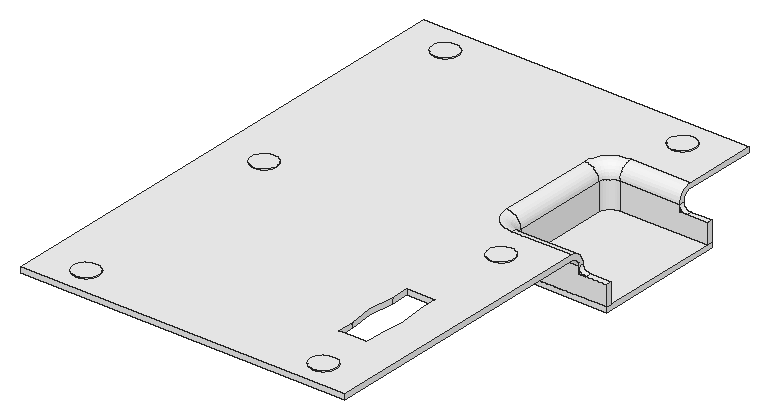
Revit family "KingswayGroup_ShrLcksAndStrkPlts_SwingThruStrikePlate", category Specialty Equipment, Revit 2020
Family settings
  Round Connector Dimension = Use Diameter
  Part Type = Normal
  Work Plane-Based = No
  Always vertical = Yes
  Cut with Voids When Loaded = No
  Shared = No
  Room Calculation Point = No
Parameters
  WarrantyStartDate [instance] = "1900-12-31T23:59:59"
  WarrantyGuarantorParts = "sales@kingswaygroup.co.uk"
  WarrantyGuarantorLabor = "n/a"
  WarrantyDurationUnit = "year"  # constant formula
  WarrantyDurationParts = "5"  # constant formula
  WarrantyDurationLabor = "n/a"
  WarrantyDescription = "5-Year Guarantee *For faulty manufacture and not for damage"  # constant formula
  Version = "1"
  Uniclass2015Version = "Products v1.36"
  Uniclass2015Title = "Shear locks and strike plates"
  Uniclass2015Code = "Pr_75_30_27_77"
  URL = "https://kingswaygroupglobal.com/"
  TagNumber [instance] = "n/a"
  SustainabilityPerformance = "n/a"
  Size = "140 x 200 x 18"
  Shape = "n/a"
  SerialNumber [instance] = "n/a"
  Revision = "n/a"
  ReplacementCost = "n/a"
  ProductInformation = "https://kingswaygroupglobal.com/product/swing-thru-strike-plate?noredirect=true"
  NominalWidth = 18.00 mm  # constant formula
  NominalLength = 140.00 mm  # constant formula
  NominalHeight = 200.00 mm  # constant formula
  Name = "ShearLocksAndStrikePlates_SwingThruStrikePlate_KG149_KingswayGroup"
  ModelReference = "SwingThru Strike Plate"
  ModelNumber = "KG149"
  Model = ModelNumber  # "KG149"
  Material = "For full range of available material, contact Kingsway Group"
  ManufacturerURL = "https://kingswaygroupglobal.com/"
  ManufacturerName = "Kingsway Group"  # constant formula
  Manufacturer = ManufacturerName  # "Kingsway Group"
  InstallationDate [instance] = "1900-12-31T23:59:59"
  IfcExportType = "USERDEFINED"  # constant formula
  IfcExportAs = "IfcDiscreteAccessoryType"  # constant formula
  Grade = "n/a"
  Finish = "For full range of available finishes and colours, contact Kingsway Group"
  Features = "The SwingThru Strike Plate is a key component of the SWING Anti-Barricade Door System that allows the door leaf to open outwards without needing to retract the lock bolt. This system is the simplest and most effective means of overcoming barricade situations."
  ExpectedLife = "n/a"
  DurationUnit = "year"
  PlateMaterial [instance] = NBS_Concept
  Description = "SwingThru Double Action Strike Plate"
  Default Elevation = 0.00 mm
  Constituents = "n/a"
  Color = "For full range of available finishes and colours, contact Kingsway Group"
  CodePerformance = "n/a"
  Category = "Pr_75_30_27_77:Shear locks and strike plates"
  BarCode [instance] = "n/a"
  BIMObjectName = "KingswayGroup_ShearLocksAndStrikePlates_SwingThruStrikePlate"
  Author = "Kingsway Group"  # constant formula
  AssetType = "Fixed"
  AssetIdentifier [instance] = "n/a"
  AccessibilityPerformance = "n/a"
Reference planes
  plane 1 "Center (Front/Back)": y = 0
  plane 2: z = 0
  plane 3 "Center (Left/Right)": x = 0
Forms (mm)
  Extrusion 1, solid, material "NBS_Concept" <- "PlateMaterial"
    sketch origin (26.118, -47.602, 0) x (1, 0, 0) y (0, 1, 0)
      loop
        line (-90.618, 147.602) -> (-90.618, -52.398) -> (38.382, -52.398) -> (38.382, 58.581) -> (14.417, 58.581)
        arc (14.417, 58.581) -> (6.24, 61.968) -> (2.853, 70.145) r 11.564
        line (2.853, 70.145) -> (2.853, 108.937)
        arc (2.853, 108.937) -> (6.254, 117.148) -> (14.465, 120.55) r 11.612
        line (14.465, 120.55) -> (38.382, 120.55) -> (38.382, 147.602) -> (-90.618, 147.602)
      loop
        line (11.822, 11.387) -> (11.822, 4.397)
        arc (11.822, 4.397) -> (10.831, -5.621) -> (11.822, -15.638) r 51.137
        line (11.822, -15.638) -> (11.822, -22.634) -> (23.08, -22.634) -> (23.08, -15.638)
        arc (23.08, -15.638) -> (24.071, -5.621) -> (23.08, 4.397) r 51.137
        line (23.08, 4.397) -> (23.08, 11.387) -> (11.822, 11.387)
    from 0 to 2
  Sweep 2, solid, material "NBS_Concept" <- "PlateMaterial"
    path origin (0, 0, 0) x (1, 0, 0) y (0, 1, 0)
      loop
        line (64.5, 18.948) -> (40.643, 18.948)
        arc (40.643, 18.948) -> (38.025, 20.032) -> (36.94, 22.651) r 3.703
        line (36.94, 22.651) -> (36.94, 61.281)
        arc (36.94, 61.281) -> (38.023, 63.896) -> (40.638, 64.979) r 3.698
        line (40.638, 64.979) -> (64.5, 64.979)
    profile origin (52.571, 18.948, 0) x (0, -1, 0) y (0, 0, 1)
      loop
        line (2.969, -14) -> (2.969, -3.42)
        arc (2.969, -3.42) -> (3.971, -1.002) -> (6.389, 0) r 3.42
        line (6.389, 0) -> (7.969, 0) -> (7.969, 2) -> (6.389, 2)
        arc (6.389, 2) -> (2.556, 0.412) -> (0.969, -3.42) r 5.42
        line (0.969, -3.42) -> (0.969, -14) -> (2.969, -14)
  Extrusion 3, solid, material "NBS_Concept" <- "PlateMaterial"
    sketch origin (0, 0, 0) x (1, 0, 0) y (0, 1, 0)
      loop
        line (75.5, 67.947) -> (40.638, 67.947)
        arc (40.638, 67.947) -> (35.924, 65.995) -> (33.971, 61.281) r 6.667
        line (33.971, 61.281) -> (33.971, 22.651)
        arc (33.971, 22.651) -> (35.925, 17.933) -> (40.643, 15.979) r 6.671
        line (40.643, 15.979) -> (75.5, 15.979) -> (75.5, 67.947)
    from -16 to -14
  Extrusion 4, solid, material "NBS_Concept" <- "PlateMaterial"
    sketch origin (0, 0, 0) x (1, 0, 0) y (0, 1, 0)
      loop
        line (75.5, 67.947) -> (64.5, 67.947) -> (64.5, 65.947) -> (75.5, 65.947) -> (75.5, 67.947)
      loop
        line (75.5, 15.979) -> (75.5, 17.979) -> (64.5, 17.979) -> (64.5, 15.979) -> (75.5, 15.979)
    from -14 to -6.04
  Extrusion 5, solid, material "NBS_Concept" <- "PlateMaterial"
    sketch origin (0, 0, 0) x (1, 0, 0) y (0, 0, 1)
      loop
        line (64.5, -6.04) -> (67.369, -6.04)
        arc (67.369, -6.04) -> (65.34, -5.2) -> (64.5, -3.172) r 2.869
        line (64.5, -3.172) -> (64.5, -6.04)
    from -17.979 to -15.979
  Extrusion 6, solid, material "NBS_Concept" <- "PlateMaterial"
    sketch origin (0, 49.968, 0) x (1, 0, 0) y (0, 0, 1)
      loop
        line (64.5, -6.04) -> (67.369, -6.04)
        arc (67.369, -6.04) -> (65.34, -5.2) -> (64.5, -3.172) r 2.869
        line (64.5, -3.172) -> (64.5, -6.04)
    from -17.979 to -15.979
  Extrusion 7, solid, material "NBS_Concept" <- "PlateMaterial"
    sketch origin (0, 0, 0) x (1, 0, 0) y (0, 1, 0)
      loop
        circle (47.069, 89.075) r 5
      loop
        circle (-47.069, 89.075) r 5
      loop
        circle (47.069, -0.925) r 5
      loop
        circle (-47.069, -0.925) r 5
      loop
        circle (47.069, -89.075) r 5
      loop
        circle (-47.069, -89.075) r 5
    from 0 to 2.1
Cuts and joins
  joined: Extrusion 1, Sweep 2, Extrusion 4
Dimensions and locks
  Extrusion 1 sketch curve to Extrusion 1 sketch curve = 200.00 mm
  aligned and locked: level to plane 2
